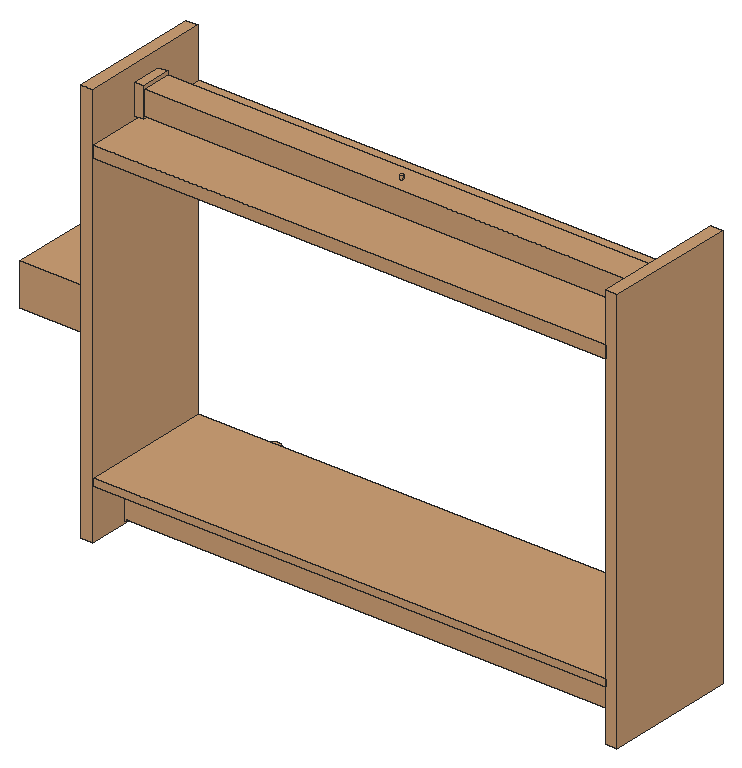
Revit family
Parameters
  Center of Unit = 0' - 0"  # constant formula
  Total Heating Capacity [instance] = 0.0 Btu/h
  Series = "VIFB"
  Outlet Area = 28.60 SF
  Lower Frame Thickness = if(Headers Height = 0' 3", 0' 1 1/4", if(Headers Height = 0' 3 1/4", 0' 1 1/4", 0' 0"))  # 0' - 1 1/4"
  Water Pressure Drop [instance] = 0.00 psi
  Water Flow [instance] = 0 GPM
  Unit Weight (lbs) = 997
  URL = "http://www.ljwing.com/"
  Water Outlet Radius = 0' - 1 1/2"
  Headers Height = if(M = 0' 1", 0' 3", if(M = 0' 1 1/2", 0' 3 1/4", 0' 0"))  # 0' - 3 1/4"
  Number of Rows = 2  # constant formula
  Number of Coils [instance] = 0
  Nominal Length = 7' - 5 3/4"
  N = 1' - 0 3/4"
  Model = "VC-8W"
  Manufacturer = "LJ Wing"
  M = 0' - 1 1/2"
  Leaving Water Temperature [instance] = 0 °F
  Leaving Air Temperature [instance] = 0 °F
  Entering Water Temperature [instance] = 0 °F
  Entering Air Temperature [instance] = 0 °F
  Description = "Vertical Integral Face & Bypass Water Heating Coils"
  Hot Water Inlet  Radius = 0' - 1 1/2"
  Coil Face Area = Outlet Area * 0.56  # 16.016 SF
  Casing Material = ""
  Assembly Code = "D3020300"
  Air Vent Radius = 0' - 0 1/4"
  Air Pressure Drop [instance] = 0.00 in-wg
  Air Inlet Width = Nominal Length - 0' 4"  # 7' - 1 3/4"
  Air Inlet Height = Y  # 4' - 0"
  Air Flow [instance] = 0 CFM
  Y = 4' - 0"
  S = 0' - 9 3/4"  # constant formula
  Product URL = "http://www.ljwing.com/html/vifb.asp"
  OmniClass = "23-75 70 21 14 "
  Nominal Height = 5' - 8"
  Nominal Depth = 1' - 10"
  R = 0' - 10 1/4"  # constant formula
  Q = 0' - 2 7/8"
Reference planes (in)
  plane 1 "Center (Front/Back)": y = 0
  plane 2: z = -24
  plane 3 "Center (Left/Right)": x = 0
  plane 4: z = 34.25
  plane 5: x = -44.875
  plane 6: x = 44.875
  plane 7: z = -33.75
  plane 8: z = 0
  plane 9: y = -11
  plane 10: y = 11
  plane 11: z = 24
  plane 12: z = 26
  plane 13: z = -25.25
  plane 14: x = 42.875
  plane 15: x = -42.875
  plane 16: x = -42
  plane 17: x = 42
  plane 18: y = 14.0625
  plane 19: x = -55.875
  plane 20: z = 31.125
  plane 21: z = 27.125
  plane 22: y = -2.5
  plane 23: y = 2.5
  plane 24: y = -4.5
  plane 25: z = -31.375
  plane 26: x = -32.125
  plane 27: x = 32.125
  plane 28: z = -27.375
Forms (in)
  Extrusion 1, solid, material "Painted Finish"
    sketch origin (0, 6, -9.75) x (1, 0, 0) y (0, 0, 1)
      loop
        line (-44.875, -24) -> (-42.875, -24) -> (-42.875, 44) -> (-44.875, 44) -> (-44.875, -24)
      loop
        line (44.875, -24) -> (44.875, 44) -> (42.875, 44) -> (42.875, -24) -> (44.875, -24)
    from -5 to 17
  Extrusion 2, solid, material "Painted Finish"
    sketch origin (0, 6, 0) x (1, 0, 0) y (0, 0, 1)
      loop
        line (42.875, -24) -> (-42.875, -24) -> (-42.875, -25.25) -> (42.875, -25.25) -> (42.875, -24)
      loop
        line (42.875, 24) -> (42.875, 26) -> (-42.875, 26) -> (-42.875, 24) -> (42.875, 24)
    from -5 to 17
  Extrusion 3, solid, material "Painted Finish"
    sketch origin (0, 10, -0.5) x (1, 0, 0) y (0, 0, 1)
      loop
        line (-44.875, 4) -> (-55.875, 4) -> (-55.875, -3) -> (-44.875, -3) -> (-44.875, 4)
    from 0 to 20
  Extrusion 4, solid, material "Painted Finish"
    sketch origin (0, 6, 0) x (1, 0, 0) y (0, 0, 1)
      loop
        line (-41.25, 31.125) -> (-41.25, 27.125) -> (41.25, 27.125) -> (41.25, 31.125) -> (-41.25, 31.125)
    from 3.5 to 8.5
  Extrusion 5, solid, material "Painted Finish"
    sketch origin (0, 0, 0) x (1, 0, 0) y (0, 0, 1)
      loop
        line (-41.25, 26.625) -> (-41.25, 31.625) -> (-42.875, 31.625) -> (-42.875, 26.625) -> (-41.25, 26.625)
      loop
        line (42.875, 26.625) -> (42.875, 31.625) -> (41.25, 31.625) -> (41.25, 26.625) -> (42.875, 26.625)
    from -2.5 to 2.5
  Extrusion 6, solid, material "Painted Finish"
    sketch origin (0, 6, 0) x (1, 0, 0) y (0, 0, 1)
      loop
        line (-42.375, -25.75) -> (-42.375, -25.5) -> (-42.875, -25.5) -> (-42.875, -29.25) -> (-42.375, -29.25) -> (-42.375, -29) -> (42.375, -29) -> (42.375, -29.25) -> (42.875, -29.25) -> (42.875, -25.5) -> (42.375, -25.5) -> (42.375, -25.75) -> (-42.375, -25.75)
      loop
        line (42.375, -33) -> (42.375, -33.125) -> (42.875, -33.125) -> (42.875, -29.5) -> (42.375, -29.5) -> (42.375, -29.75) -> (-42.375, -29.75) -> (-42.375, -29.5) -> (-42.875, -29.5) -> (-42.875, -33.25) -> (-42.375, -33.25) -> (-42.375, -33) -> (42.375, -33)
    from -5 to 10.5
  Extrusion 7, void
    sketch origin (0, 0, 0) x (1, 0, 0) y (0, 0, 1)
      loop
        line (-42.875, 24) -> (-42.875, -24) -> (42.875, -24) -> (42.875, 24) -> (-42.875, 24)
    from -11 to 11
  Extrusion 8, solid, material "Painted Finish"
    sketch origin (0, 0, 0) x (1, 0, 0) y (0, 0, 1)
      loop
        circle (32.125, -31.375) r 1.5
      loop
        circle (-32.125, -27.375) r 1.5
    from -14.0625 to -11
  Extrusion 9, solid, material "Painted Finish"
    sketch origin (0, 0, 0) x (1, 0, 0) y (0, 1, 0)
      loop
        circle (0, 0) r 0.25
    from 31.125 to 31.625
Cuts and joins
  Extrusion 7 cuts Extrusion 1
  Extrusion 7 cuts Extrusion 2
Dimensions and locks (in)
  "Nominal Length": plane 6 to plane 5
  equal spacing: plane 6, plane 3 "Center (Left/Right)", plane 5
  "S": plane 2 to plane 7
  "Nominal Depth": plane 10 to plane 9
  equal spacing: plane 10, plane 1 "Center (Front/Back)", plane 9
  "Y": plane 11 to plane 2
  "R": plane 4 to plane 11
  locked: plane 12 to plane 11 at 2
  "Lower Frame Thickness": plane 2 to plane 13
  "Q": plane 16 to plane 5
  "Q": plane 6 to plane 17
  locked: plane 18 to plane 10 at 3.0625
  locked: plane 5 to plane 19 at 11
  locked: Extrusion 3 sketch curve to Extrusion 3 sketch curve at 7
  locked: Extrusion 3 to Extrusion 3 at 20
  locked: plane 6 to plane 14 at 2
  locked: plane 15 to plane 5 at 2
  locked: Extrusion 5 sketch curve to plane 20 at 0.5
  locked: plane 21 to Extrusion 5 sketch curve at 0.5
  locked: plane 20 to plane 21 at 4
  locked: plane 23 to plane 22 at 5
  equal spacing: plane 23, plane 1 "Center (Front/Back)", plane 22
  locked: plane 22 to plane 24 at 2
  plane 4 to plane 7 = 5' - 8"
  locked: Extrusion 5 sketch curve to Extrusion 1 at 1.625
  locked: Extrusion 5 sketch curve to Extrusion 5 sketch curve at 1.625
  locked: Extrusion 7 sketch curve to plane 11 at 0
  locked: Extrusion 7 sketch curve to plane 15 at 0
  locked: Extrusion 7 sketch curve to plane 14 at 0
  locked: plane 15 to Extrusion 6 sketch curve at 0.5
  locked: Extrusion 6 sketch curve to Extrusion 6 sketch curve at 0.25  (x2)
  locked: plane 25 to plane 7 at 2.375
  "N": plane 26 to plane 5
  "N": plane 6 to plane 27
  locked: plane 28 to plane 7 at 6.375
  "Headers Height": Extrusion 6 sketch curve to Extrusion 6 sketch curve  (x2)
  locked: Extrusion 8 sketch curve to plane 25 at 0
  locked: Extrusion 8 sketch curve to plane 28 at 0
  locked: Extrusion 9 sketch curve to plane 1 "Center (Front/Back)" at 0
  locked: Extrusion 9 sketch curve to plane 3 "Center (Left/Right)" at 0
  equal spacing: Extrusion 6 sketch curve, plane 28, Extrusion 6 sketch curve
  equal spacing: Extrusion 6 sketch curve, plane 25, Extrusion 6 sketch curve
  locked: plane 4 to plane 20 at 3.125
  locked: Extrusion 7 sketch curve to plane 2 at 0
  equal spacing: plane 11, plane 8, plane 2
  locked: Extrusion 8 sketch curve to plane 27 at 0
  locked: Extrusion 8 sketch curve to plane 26 at 0
  "M": radius of Extrusion 8 sketch curve  (x2)
  "Air Vent Radius": radius of Extrusion 9 sketch curve
  aligned and locked: Extrusion 1 to plane 9
  aligned and locked: Extrusion 1 to plane 10
  aligned and locked: Extrusion 1 to plane 15
  aligned and locked: Extrusion 1 to plane 14
  aligned and locked: Extrusion 2 to plane 9
  aligned and locked: plane 9 to Extrusion 1
  aligned and locked: plane 10 to Extrusion 1  (x2)
  aligned and locked: Extrusion 2 to plane 10
  aligned and locked: plane 10 to Extrusion 2  (x2)
  aligned and locked: plane 9 to Extrusion 2  (x2)
  aligned and locked: plane 5 to Extrusion 3
  aligned and locked: Extrusion 5 sketch curve to plane 15
  aligned and locked: Extrusion 5 sketch curve to Extrusion 4
  aligned and locked: Extrusion 1 to Extrusion 6
  aligned and locked: plane 22 to Extrusion 5
  aligned and locked: Extrusion 5 to Extrusion 4  (x2)
  aligned and locked: Extrusion 5 to plane 23
  aligned and locked: Extrusion 6 to plane 24
  aligned and locked: Extrusion 4 to Extrusion 5  (x2)
  aligned and locked: Extrusion 5 to Extrusion 1  (x2)
  aligned and locked: Extrusion 1 to Extrusion 7  (x2)
  aligned and locked: plane 18 to Extrusion 8
  aligned and locked: Extrusion 8 to plane 10
  aligned and locked: plane 20 to Extrusion 9
  aligned and locked: Extrusion 9 to Extrusion 5
  aligned and locked: plane 2 to cut or joined group of Extrusion 2, Extrusion 7
  aligned and locked: Extrusion 1 sketch curve to plane 6
  aligned and locked: Extrusion 1 sketch curve to plane 14
  aligned and locked: Extrusion 1 sketch curve to plane 15
  aligned and locked: Extrusion 1 sketch curve to plane 5
  aligned and locked: Extrusion 1 sketch curve to plane 4  (x2)
  aligned and locked: plane 7 to Extrusion 1 sketch curve  (x2)
  aligned and locked: Extrusion 2 sketch curve to plane 11
  aligned and locked: Extrusion 2 sketch curve to plane 12
  aligned and locked: plane 2 to Extrusion 2 sketch curve
  aligned and locked: Extrusion 2 sketch curve to plane 13
  aligned and locked: Extrusion 2 sketch curve to plane 14  (x2)
  aligned and locked: Extrusion 2 sketch curve to plane 15  (x2)
  aligned and locked: plane 20 to Extrusion 4 sketch curve
  aligned and locked: Extrusion 4 sketch curve to plane 21
  aligned and locked: Extrusion 6 sketch curve to plane 14  (x2)
  aligned and locked: plane 15 to Extrusion 6 sketch curve  (x2)
Automatic sketch dimensions
  Extrusion 3 sketch curve to plane 19 = 0' - 0"
  Extrusion 3 sketch curve to plane 5 = 0' - 0"
  plane 8 to Extrusion 3 sketch curve = 0' - 3 1/2"
  plane 16 to Extrusion 4 sketch curve = 0' - 0 3/4"
  Extrusion 4 sketch curve to plane 17 = 0' - 0 3/4"
  plane 21 to Extrusion 5 sketch curve = 0' - 0 1/2"
  Extrusion 5 sketch curve to plane 20 = 0' - 0 1/2"
  plane 15 to Extrusion 6 sketch curve = 0' - 0 1/2"  (x2)
  Extrusion 6 sketch curve to Extrusion 6 sketch curve = 0' - 0 1/4"  (x5)
  Extrusion 6 sketch curve to Extrusion 6 sketch curve = 0' - 0"  (x2)
  Extrusion 6 sketch curve to plane 14 = 0' - 0 1/2"  (x2)
  Extrusion 6 sketch curve to Extrusion 6 sketch curve = 0' - 0 1/2"
  Extrusion 6 sketch curve to plane 7 = 0' - 0 5/8"
Connectors (in)
  hvac at (0, -11, 0), driven by "Air Inlet Height", driven by "Air Inlet Width", driven by "Air Flow", driven by "Air Pressure Drop"
    settings: on Extrusion 7, index 1
  hvac at (0, 11, 0), driven by "Air Pressure Drop", driven by "Air Inlet Height", driven by "Air Inlet Width", driven by "Air Flow"
    settings: on Extrusion 7, index 2
  piping at (-32.125, 14.0625, -27.375), driven by "M", driven by "Water Flow", driven by "Water Pressure Drop"
    settings: on Extrusion 8, index 4
  piping at (32.125, 14.0625, -31.375), driven by "Water Pressure Drop", driven by "Water Flow", driven by "M"
    settings: on Extrusion 8, index 5
